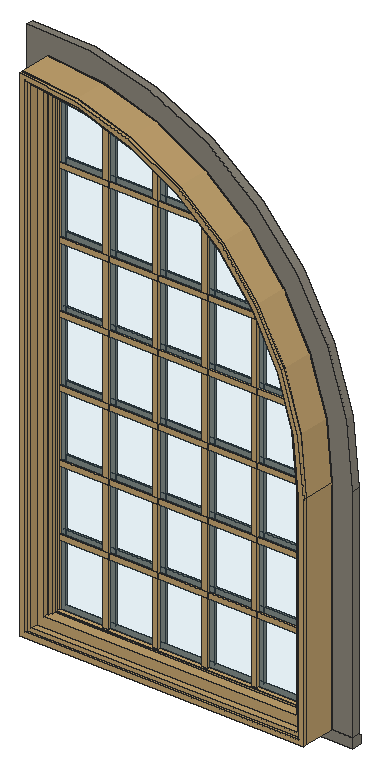
Revit family (continued)
Definition of nested family "Roundtop_Section_Detail"
  Definition of nested family "Head_Detail"
    Lines and regions (in)
      detail lines, style "Cut Lines", in view "Ref. Level"
        curve 19: line (0.125, -2.696, 0) -> (0.125, -0.8125, 0)
        curve 20: line (0.2358, -2.696, 0) -> (0.125, -2.696, 0)
        curve 21: line (0.44605, -2.90625, 0) -> (0.2358, -2.696, 0)
        curve 22: line (0.47297, -2.208, 0) -> (0.47297, -2.90625, 0)
        curve 23: line (1.50299, -2.208, 0) -> (0.47297, -2.208, 0)
        curve 24: line (1.50299, -2.90625, 0) -> (1.50299, -2.208, 0)
        curve 25: line (1.66374, -2.90625, 0) -> (1.50299, -2.90625, 0)
        curve 26: line (2, -2.677, 0) -> (1.89299, -2.677, 0)
        curve 27: line (2, -0.625, 0) -> (2, -2.677, 0)
        curve 28: line (0.47297, -2.90625, 0) -> (0.44605, -2.90625, 0)
        curve 29: line (1.89299, -2.677, 0) -> (1.66374, -2.90625, 0)
        curve 30: line (2.34399, -2.5005, 0) -> (2.34399, -2.313, 0)
        curve 31: line (1.31549, -2.45402, 0) -> (0.69049, -2.45402, 0)
        curve 32: line (1.31549, -2.6605, 0) -> (0.69049, -2.6605, 0)
        curve 33: line (1.50299, -2.353, 0) -> (1.31549, -2.353, 0)
        curve 34: line (0.69049, -2.353, 0) -> (0.50199, -2.353, 0)
      detail lines, style "Cut Lines", in view "Ref. Level", visible <- "Flange"
        curve 7: line (0, 1.5, 0) -> (0, 0.15, 0)
        curve 8: line (-0.04501, 0, 0) -> (-0.04501, 1.5, 0)
        curve 9: line (-0.04501, 1.5, 0) -> (0, 1.5, 0)
        curve 10: line (0.10999, 0.15, 0) -> (0.10999, 0, 0)
        curve 11: line (0, 0.15, 0) -> (0.10999, 0.15, 0)
    Dimensions and locks (in)
      aligned and locked: curve 25 to curve 28
      aligned and locked: curve 24 to curve 33
  Definition of nested family "Sill_Detail"
    Parameters (values of type "Jamb_Detail")
      Flange = yes
      Assembly Code = ""
    Reference planes (in)
      plane 1 "Center (Front/Back)": y = 0
      plane 2: z = 0
      plane 3 "Center (Left/Right)": x = 0
    Lines and regions (in)
      detail lines, style "Cut Lines", in view "Ref. Level"
        curve 1: line (4.56199, 0, 0) -> (4.56199, 1.188, 0)
        curve 2: line (-1.09401, 0, 0) -> (4.56199, 0, 0)
        curve 3: line (4.56199, 1.188, 0) -> (0.53125, 1.188, 0)
        curve 4: line (-1.09401, 0.52105, 0) -> (-1.09401, 0, 0)
        curve 5: line (0.39248, 0.625, 0) -> (-1.09401, 0.52105, 0)
        curve 6: line (0.39248, 0.625, 0) -> (2, 0.625, 0)
        curve 12: line (3.53074, 1.188, 0) -> (3.53074, 2.5005, 0)
        curve 13: line (3.53074, 2.5005, 0) -> (2, 2.5005, 0)
        curve 14: line (0.53125, 0.8125, 0) -> (0.53125, 1.188, 0)
        curve 15: line (0.125, 0.8125, 0) -> (0.53125, 0.8125, 0)
        curve 16: line (0.125, 2.696, 0) -> (0.125, 0.8125, 0)
        curve 17: line (0.2358, 2.696, 0) -> (0.125, 2.696, 0)
        curve 18: line (0.44605, 2.90625, 0) -> (0.2358, 2.696, 0)
        curve 19: line (0.47297, 2.208, 0) -> (0.47297, 2.90625, 0)
        curve 20: line (1.50299, 2.208, 0) -> (0.47297, 2.208, 0)
        curve 21: line (1.50299, 2.90625, 0) -> (1.50299, 2.208, 0)
        curve 22: line (1.66374, 2.90625, 0) -> (1.50299, 2.90625, 0)
        curve 23: line (2, 2.677, 0) -> (1.89299, 2.677, 0)
        curve 24: line (2, 0.625, 0) -> (2, 2.677, 0)
        curve 25: line (0.47297, 2.90625, 0) -> (0.44605, 2.90625, 0)
        curve 26: line (1.89299, 2.677, 0) -> (1.66374, 2.90625, 0)
        curve 27: line (1.31549, 2.45402, 0) -> (0.69049, 2.45402, 0)
        curve 28: line (1.31549, 2.6605, 0) -> (0.69049, 2.6605, 0)
        curve 29: line (1.50299, 2.353, 0) -> (1.31549, 2.353, 0)
        curve 30: line (0.69049, 2.353, 0) -> (0.50199, 2.353, 0)
      detail lines, style "Cut Lines", in view "Ref. Level", visible <- "Flange"
        curve 7: line (0, -1.5, 0) -> (0, -0.15, 0)
        curve 8: line (-0.04501, 0, 0) -> (-0.04501, -1.5, 0)
        curve 9: line (-0.04501, -1.5, 0) -> (0, -1.5, 0)
        curve 10: line (0.10999, -0.15, 0) -> (0.10999, 0, 0)
        curve 11: line (0, -0.15, 0) -> (0.10999, -0.15, 0)
